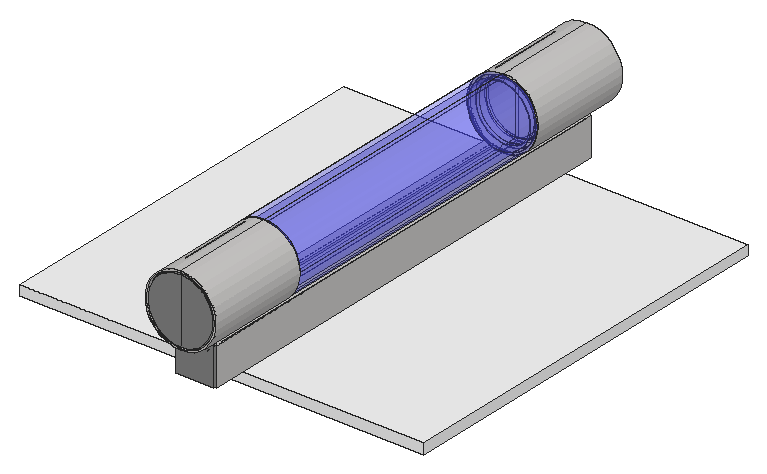
Revit family "BE_23250.2_de_DE", category Leuchten, Revit 2020
Family settings
  Basisbauteil = Fläche
  Bemaßung runder Anschluss = Durchmesser verwenden
  Teiletyp = Normal
  Beim Laden mit Abzugskörper schneiden = Ja
  Lichtquelle = Ja
  Gemeinsam genutzt = Nein
  Raumberechnungspunkt = Ja
Parameters (values of type "BEGA_23250.2_K3")
  built-in parameter 1150104 = 11.613 (stored number, unit not read)
  Wattage = 10 W
  Default Elevation = 0 mm
  built-in parameter 1150113 = 1 (stored number, unit not read)
  built-in parameter 1114218 = 1 (stored number, unit not read)
  Umgebungstemperatur = "25 °C"
  URL = "http://www.bega.de/de/produkt/23250.2"
  Typenkommentare = "© 2022 BEGA. Wir behalten uns das Recht vor, technische Änderungen ohne vorherige Ankündigung vorzunehmen."  # constant formula
  built-in parameter 1150134 = 12
  built-in parameter 1150109 = 1 (stored number, unit not read)
  Strom = ""
  built-in parameter 1150110 = 1 (stored number, unit not read)
  Spannung = 239.996 V
  Sonderanfertigung = no
  Seriennummer [instance] = "Hier können Sie die eindeutige Seriennummer für das Facility Management eintragen."
  Schutzklasse = "I"
  Schutzart = "IP 44"
  Scheinlast = 0 VA
  Produktdatenblatt = "http://www.bega.de/download/Xrfa/db/23250.2.db.de.pdf"
  Oberflächentemperatur = ""
  Neigungswinkel = 0.00°
  Model = "23250.2K4"
  Material_17 = BEGA_Reflektor
  Material_15 = BEGA_Leuchtmedium_matt
  Material_11 = BEGA_Glas_opal
  Material_09 = BEGA_Glas_klar
  Material_06 = BEGA_Oberfläche_Edelstahl_gebürstet
  Material_05 = BEGA_Oberfläche_Aluminium Guss
  Material_04 = BEGA_Kunststoff_Grafit_matt
  Material_03 = BEGA_Oberfläche_Weiss_matt
  Material_02 = BEGA_Oberfläche_Silber_matt
  Material_01 [instance] = BEGA_Oberfläche_Grafit_matt
  M_W = no
  M_G = no
  M_A = no
  Logo = 0
  built-in parameter 1114217 = 1 (stored number, unit not read)
  built-in parameter 1150139 = (empty or 0)
  built-in parameter 1150105 = 99.472 (stored number, unit not read)
  built-in parameter 1150114 = 1 (stored number, unit not read)
  Lumens = 1250 lm
  built-in parameter 1150115 = 1 (stored number, unit not read)
  Leuchtenlichtstrom = "926 lm"
  Leuchtenanzahl = ""
  Lebensdauerkriterien = "L70B50 @ 25 °C = 481000 h"
  Lastklassifizierung = Beleuchtung
  built-in parameter 1150112 = 1 (stored number, unit not read)
  Lampenlichtstrom = "1280 lm"
  Lamp = "LED 7.8 W"
  LED_Modulbezeichnung = "2x LED-0424/940"
  Hersteller = "BEGA"  # constant formula
  Halbstreuwinkel = ""
  Gewicht = "1.5 kg"
  Gebrauchslageneinschränkung [instance] = ""
  Frequenz = "0/50-60 Hz"
  Farbwiedergabeindex = "CRI > 90"
  Farbtemperaturverschiebung bei Dämpfen der Lampe = <Keine Auswahl>
  Farbtemperatur = "4000 K"
  Color Filter = 16777215
  built-in parameter 1150133 = 10 (stored number, unit not read)
  Energieeffizienzklasse = "LED A++ - A"
  built-in parameter 1150137 = (empty or 0)
  built-in parameter 1150132 = (empty or 0)
  ENEC = ""
  Dimmbar [instance] = ""
  Photometric Web File = "BE_23250.2K4.IES"
  CE_Konformität = "ja"
  Bestellnummer = "23250.2K4"
  Beschreibung_Sonderanfertigung = "Hier können Sie Informationen zur Sonderanfertigung eintragen."
  Beschreibung = "Wandleuchte"
  built-in parameter 1150106 = 0.99472 (stored number, unit not read)
  Befestigungsbohrung = "Ø 6 mm"
  Befestigungsabstand = "275 mm"
  Ballwurfsicher = ""
  BEGA_Intern_aus = yes
  BEGA_Intern_an = yes
  BEGA_Intern_Konstruktion = yes
  BEGA_Intern = yes
  BEGA_IES = yes
  BEGA_Dummy = no
  Anschlussleitung = ""
  Anschlussleistung [instance] = "9 W"
  Anschlusskasten = ""
  built-in parameter 1150107 = 4000 (stored number, unit not read)
  built-in parameter 1150102 = (empty or 0)
  built-in parameter 1150138 = (empty or 0)
  Aktualisierung = "2019-07-05T04:00:16"
  Abstand_zur_angestrahlten_Fläche [instance] = ""
  AC/DC = "AC/DC"
Reference planes
  plane 1 "Mitte (Vorne/Hinten)": y = 0
  plane 2: z = 0
  plane 3 "Mitte (Links/Rechts)": x = 0
  plane 4 "Links": x = -35
  plane 5 "Rechts": x = 35
  plane 6 "Unten": y = -251
  plane 7 "Oben": y = 251
  plane 8 "Vorne": z = 104.517
  plane 9 "Hinten": z = 0
Forms (mm)
  Extrusion 1, solid, material "BEGA_Platte_Weiss"
    sketch origin (0, -1119.2, 0) x (1, 0, 0) y (0, 1, 0)
      loop
        line (-200, 1319.2) -> (-200, 919.2) -> (200, 919.2) -> (200, 1319.2) -> (-200, 1319.2)
    from 0 to -10
  Extrusion 2, solid, material "BEGA_Dummy_matt", visible <- "BEGA_Dummy"
    sketch origin (80.095, -76.023, 0) x (1, 0, 0) y (0, 1, 0)
      loop
        line (-115.095, 327.023) -> (-115.095, -174.977) -> (-45.095, -174.977) -> (-45.095, 327.023) -> (-115.095, 327.023)
    from 0 to 104.517
Dimensions and locks
  plane 1 "Mitte (Vorne/Hinten)" to Extrusion 1 = 200 mm
  aligned and locked: plane 2 to Extrusion 1
  aligned and locked: level to Extrusion 1
Nested families
  nested 1: "BE_23250.2" at (0, 0, 0) x (0, 1, 0) z (0, 0, 1), type "BE_23250.2"
Connectors
  electrical at (0, 0, 0), driven by "Lastklassifizierung", driven by "Spannung", driven by "Scheinlast"
    settings: index 1, voltage 239.996 V, apparent load 0 VA, apparent load phase1 0 VA, apparent load phase2 0 VA, apparent load phase3 0 VA, power factor 1, load classification "Beleuchtung", number of poles 1, system type 31, power factor state 1, is connector primary yes, connector utility no, sub classification motor no, connector description ""
Definition of nested family "BE_23250.2"
  Parameters (values of type "BE_23250.2")
    Default Elevation = 1 mm
    URL = "http://www.bega.de/de/produkt"
    Type Comments = "© 2015 BEGA. Wir behalten uns das Recht vor, technische Änderungen ohne vorherige Ankündigung vorzunehmen. "  # constant formula
    Type Image = (empty or 0)
    Neigungswinkel_um_Z2 = 0.00°
    Neigungswinkel_um_Z1 = 0.00°
    Neigungswinkel_um_Y2 = 0.00°
    Neigungswinkel_um_Y1 = 0.00°
    Neigungswinkel_um_X2 = 0.00°
    Neigungswinkel_um_X1 = 0.00°
    Material_17 = none
    Material_15 = none
    Material_11 = none
    Material_09 = none
    Material_06 = none
    Material_05 = none
    Material_04 = none
    Material_03 = none
    Material_02 = none
    Material_01 = none
    M_W = yes
    M_G = yes
    M_A = yes
    Länge_Platte = 650 mm  # constant formula
    Höhe_Platte = -10 mm  # constant formula
    Manufacturer = "BEGA"  # constant formula
    Drehwinkel_um_Z2 = 0.00°
    Drehwinkel_um_Z1 = 0.00°
    Breite_Platte = 200 mm  # constant formula
  Reference planes
    plane 1 "Mitte (Oben/Unten)": y = 0
    plane 2: z = 0
    plane 3 "Mitte (Links/Rechts)": x = 0
    plane 4: y = 35
    plane 5: y = -35
    plane 6: x = -251
    plane 7: x = 251
    plane 8: z = 104.517
  Forms (mm)
    Extrusion 1, solid, detail levels medium
      sketch origin (0, 0, 0) x (1, 0, 0) y (0, 1, 0)
        loop
          line (-325, 100) -> (-325, -100) -> (325, -100) -> (325, 100) -> (-325, 100)
      from 0 to -10 <- "Höhe_Platte"
    Extrusion 2, solid, material <- "Material_06", detail levels medium+fine
      sketch origin (0, 0, 0) x (0, 1, 0) y (0, 0, 1)
        loop
          line (-20, 37.5) -> (-20, 0) -> (-15.75, 0) -> (-15.75, 6.5) -> (-16.8, 6.5)
          arc (-16.8, 6.5) -> (-17.507, 6.793) -> (-17.8, 7.5) r 1
          line (-17.8, 7.5) -> (-17.8, 32.29)
          arc (-17.8, 32.29) -> (-16.811, 33.7) -> (-15.148, 33.251) r 1.5
          line (-15.148, 33.251) -> (-11.917, 29.4) -> (11.917, 29.4) -> (15.148, 33.251)
          arc (15.148, 33.251) -> (16.811, 33.7) -> (17.8, 32.29) r 1.5
          line (17.8, 32.29) -> (17.8, 7.5)
          arc (17.8, 7.5) -> (17.507, 6.793) -> (16.8, 6.5) r 1
          line (16.8, 6.5) -> (15.75, 6.5) -> (15.75, 0) -> (20, 0) -> (20, 37.5) -> (18, 39.5)
          arc (18, 39.5) -> (15.101, 37.578) -> (12, 36.005) r 30
          line (12, 36.005) -> (12, 33.9)
          arc (12, 33.9) -> (11.561, 32.839) -> (10.5, 32.4) r 1.5
          line (10.5, 32.4) -> (-10.5, 32.4)
          arc (-10.5, 32.4) -> (-11.561, 32.839) -> (-12, 33.9) r 1.5
          line (-12, 33.9) -> (-12, 36.005)
          arc (-12, 36.005) -> (-15.101, 37.578) -> (-18, 39.5) r 30
          line (-18, 39.5) -> (-20, 37.5)
      from -232 to 231
    Extrusion 3, solid, material <- "Material_06", detail levels medium+fine
      sketch origin (0, 0, 0) x (1, 0, 0) y (0, 0, 1)
        loop
          line (128, 4.3) -> (128, 1) -> (148, 1) -> (148, 4.3) -> (128, 4.3)
        loop
          line (-147, 4.3) -> (-147, 1) -> (-127, 1) -> (-127, 4.3) -> (-147, 4.3)
      from -17.577 to 17.577
    Extrusion 4, solid, material <- "Material_04", detail levels medium+fine
      sketch origin (0, 0, 0) x (0, 1, 0) y (0, 0, 1)
        loop
          line (-18.99, 0.01) -> (18.99, 0.01) -> (19, 36.578) -> (17.542, 38.036)
          arc (17.542, 38.036) -> (0, 32.49) -> (-17.542, 38.036) r 30.51
          line (-17.542, 38.036) -> (-18.99, 36.588) -> (-18.99, 0.01)
      from 231 to 232.5
    Extrusion 5, solid, material <- "Material_04", detail levels medium+fine
      sketch origin (0, 0, 0) x (0, 1, 0) y (0, 0, -1)
        loop
          line (-18.99, -0.01) -> (-18.99, -36.588) -> (-17.542, -38.036)
          arc (-17.542, -38.036) -> (0, -32.49) -> (17.542, -38.036) r 30.51
          line (17.542, -38.036) -> (19, -36.578) -> (18.99, -0.01) -> (-18.99, -0.01)
      from 232 to 233.5
    Extrusion 6, void
      sketch origin (0, 0, 0) x (1, 0, 0) y (0, 1, 0)
        loop
          arc (135, 3) -> (132, 0) -> (135, -3) r 3
          line (135, -3) -> (141, -3)
          arc (141, -3) -> (143.116, -2.127) -> (144, -0.016) r 3
          arc (144, -0.016) -> (143.116, 2.127) -> (141, 3) r 3
          line (141, 3) -> (135, 3)
        loop
          arc (-134, 3) -> (-137, 6) -> (-140, 3) r 3
          line (-140, 3) -> (-140, -3)
          arc (-140, -3) -> (-139.128, -5.114) -> (-136.985, -6) r 3
          arc (-136.985, -6) -> (-134.873, -5.116) -> (-134, -3) r 3
          line (-134, -3) -> (-134, 3)
      from 0 to 6.5
    Revolve 7, void
      sketch origin (-201, 0, 0) x (0, 1, 0) y (0, 0, 1)
        loop
          line (-6, 32.4) -> (-6, 29.4) -> (0, 29.4) -> (0, 32.4) -> (-6, 32.4)
        axis (0, 32.4) -> (0, 29.4)
      angle from 0 to 360
    Revolve 8, solid, material <- "Material_06", detail levels medium+fine
      sketch origin (0, 0, 0) x (1, 0, 0) y (0, 0, 1)
        loop
          line (-251, 103.267) -> (-248.43, 103.267) -> (-247.66, 102.822) -> (-236, 102.517) -> (-148, 102.517) -> (-148, 104.517) -> (-251, 104.517) -> (-251, 103.267)
        loop
          line (251, 103.267) -> (251, 104.517) -> (148, 104.517) -> (148, 102.517) -> (236, 102.517) -> (247.66, 102.822) -> (248.43, 103.267) -> (251, 103.267)
        axis (-251, 69.517) -> (251, 69.517)
      angle from 0 to 360
    Revolve 9, solid, material <- "Material_04", detail levels medium+fine
      sketch origin (0, 0, 0) x (1, 0, 0) y (0, 0, 1)
        loop
          line (-251, 101.517) -> (-251, 69.517) -> (-245, 69.517) -> (-245, 100.067) -> (-236, 100.381) -> (-236, 103.017) -> (-248, 103.017) -> (-248, 101.517) -> (-251, 101.517)
        loop
          line (251, 101.517) -> (248, 101.517) -> (248, 103.017) -> (236, 103.017) -> (236, 100.381) -> (245, 100.067) -> (245, 69.517) -> (251, 69.517) -> (251, 101.517)
        axis (-251, 69.517) -> (251, 69.517)
      angle from 0 to 360
    Revolve 10, solid, material <- "Material_11", detail levels medium+fine
      sketch origin (0, 0, 0) x (1, 0, 0) y (0, 0, 1)
        loop
          line (-154.5, 98.517) -> (-150.415, 98.517)
          arc (-150.415, 98.517) -> (-146.122, 97.721) -> (-142.993, 100.767) r 4.75
          line (-142.993, 100.767) -> (142.993, 100.767)
          arc (142.993, 100.767) -> (146.122, 97.721) -> (150.415, 98.517) r 4.75
          line (150.415, 98.517) -> (154.336, 98.517) -> (162.75, 97.781) -> (162.75, 69.517) -> (166.5, 69.517) -> (166.5, 99.388)
          arc (166.5, 99.388) -> (165.976, 100.734) -> (164.684, 101.376) r 2
          line (164.684, 101.376) -> (154.5, 102.267) -> (146.5, 102.36) -> (146.5, 104.517) -> (-146.5, 104.517) -> (-146.5, 102.267) -> (-154.5, 102.267) -> (-154.5, 98.517)
        axis (-154.5, 69.517) -> (166.5, 69.517)
      angle from 0 to 360
    Revolve 11, void
      sketch origin (0, 0, 0) x (1, 0, 0) y (0, 0, 1)
        loop
          line (248.3, 79.117) -> (248.3, 69.517) -> (251, 69.517) -> (251, 79.282) -> (248.3, 79.117)
        axis (248.3, 69.517) -> (251, 69.517)
      angle from 0 to 360
    Revolve 12, solid, material <- "Material_06", detail levels fine
      sketch origin (0, 0, 0) x (1, 0, 0) y (0, 0, 1)
        loop
          line (248.3, 79.017) -> (248.3, 69.517) -> (250.8, 69.517) -> (250.8, 79.017) -> (248.3, 79.017)
        axis (248.3, 69.517) -> (250.8, 69.517)
      angle from 0 to 360
  Cuts and joins
    joined: Extrusion 4, Extrusion 5
    Revolve 7 cuts Extrusion 2
    Extrusion 6 cuts Extrusion 3
    joined: Extrusion 2, Extrusion 3
    Revolve 11 cuts Revolve 9
  Dimensions and locks
    equal spacing: Extrusion 1 sketch curve, plane 3 "Mitte (Links/Rechts)", Extrusion 1 sketch curve
    equal spacing: Extrusion 1 sketch curve, plane 1 "Mitte (Oben/Unten)", Extrusion 1 sketch curve
    "Länge_Platte": Extrusion 1 sketch curve to Extrusion 1 sketch curve
    "Breite_Platte": Extrusion 1 sketch curve to Extrusion 1 sketch curve
    aligned and locked: Extrusion 1 to plane 2
    aligned and locked: level to Extrusion 1
  Automatic sketch dimensions
    Extrusion 2 sketch curve to Extrusion 2 sketch curve = 0 mm  (x2)
    Extrusion 2 sketch curve to level = 0 mm  (x2)
    Extrusion 2 sketch curve to plane 1 "Mitte (Oben/Unten)" = 0 mm
    plane 1 "Mitte (Oben/Unten)" to Extrusion 2 sketch curve = 10.5 mm
    Extrusion 2 sketch curve to Extrusion 2 sketch curve = 1.417 mm  (x2)
    Extrusion 2 sketch curve to Extrusion 2 sketch curve = 1.5 mm  (x3)
    Extrusion 2 sketch curve to Extrusion 2 sketch curve = 3.148 mm  (x2)
    plane 1 "Mitte (Oben/Unten)" to Extrusion 2 sketch curve = 15.75 mm
    Extrusion 2 sketch curve to Extrusion 2 sketch curve = 1.152 mm  (x2)
    Extrusion 2 sketch curve to Extrusion 2 sketch curve = 1.05 mm  (x2)
    Extrusion 2 sketch curve to Extrusion 2 sketch curve = 1 mm
    Extrusion 2 sketch curve to Extrusion 2 sketch curve = 2.852 mm  (x2)
    Extrusion 2 sketch curve to Extrusion 2 sketch curve = 2 mm  (x2)
    Extrusion 2 sketch curve to plane 1 "Mitte (Oben/Unten)" = 10.5 mm
    level to Extrusion 2 sketch curve = 6.5 mm  (x2)
    Extrusion 2 sketch curve to plane 1 "Mitte (Oben/Unten)" = 15.75 mm
    Extrusion 2 sketch curve to Extrusion 2 sketch curve = 4.25 mm
    Extrusion 2 sketch curve to Extrusion 2 sketch curve = 21.9 mm
    Extrusion 2 sketch curve to Extrusion 2 sketch curve = 2.89 mm  (x2)
    Extrusion 2 sketch curve to Extrusion 2 sketch curve = 3 mm
    Extrusion 2 sketch curve to Extrusion 2 sketch curve = 2.105 mm  (x2)
    Extrusion 2 sketch curve to Extrusion 2 sketch curve = 5.21 mm  (x2)
    level to Extrusion 3 sketch curve = 1 mm  (x2)
    Extrusion 3 sketch curve to plane 6 = 104 mm
    Extrusion 3 sketch curve to Extrusion 3 sketch curve = 20 mm  (x2)
    level to Extrusion 3 sketch curve = 4.3 mm
    Extrusion 3 sketch curve to plane 7 = 123 mm
    Extrusion 3 sketch curve to Extrusion 3 sketch curve = 3.3 mm
    Extrusion 4 sketch curve to plane 1 "Mitte (Oben/Unten)" = 0 mm
    Extrusion 4 sketch curve to plane 5 = 17.458 mm
    level to Extrusion 4 sketch curve = 0.01 mm
    Extrusion 4 sketch curve to plane 5 = 16.01 mm
    Extrusion 4 sketch curve to plane 4 = 17.458 mm
    Extrusion 4 sketch curve to plane 4 = 16.01 mm
    Extrusion 4 sketch curve to Extrusion 4 sketch curve = 1.458 mm  (x2)
    Extrusion 4 sketch curve to Extrusion 4 sketch curve = 36.567 mm
    Extrusion 4 sketch curve to Extrusion 4 sketch curve = 36.578 mm
    Extrusion 5 sketch curve to plane 1 "Mitte (Oben/Unten)" = 0 mm
    Extrusion 5 sketch curve to plane 5 = 17.458 mm
    level to Extrusion 5 sketch curve = 0.01 mm
    Extrusion 5 sketch curve to plane 5 = 16.01 mm
    Extrusion 5 sketch curve to plane 4 = 17.458 mm
    Extrusion 5 sketch curve to plane 4 = 16.01 mm
    Extrusion 5 sketch curve to Extrusion 5 sketch curve = 1.458 mm
    Extrusion 5 sketch curve to Extrusion 5 sketch curve = 36.567 mm
    Extrusion 5 sketch curve to Extrusion 5 sketch curve = 36.578 mm
    Extrusion 5 sketch curve to Extrusion 5 sketch curve = 1.448 mm
    Extrusion 6 sketch curve to Extrusion 6 sketch curve = 0 mm  (x4)
    plane 1 "Mitte (Oben/Unten)" to Extrusion 6 sketch curve = 0 mm  (x2)
    Extrusion 6 sketch curve to plane 1 "Mitte (Oben/Unten)" = 3 mm
    Extrusion 6 sketch curve to plane 6 = 111 mm
    Extrusion 6 sketch curve to Extrusion 6 sketch curve = 3 mm  (x2)
    plane 1 "Mitte (Oben/Unten)" to Extrusion 6 sketch curve = 3 mm  (x2)
    Extrusion 6 sketch curve to plane 7 = 116 mm
    Extrusion 6 sketch curve to Extrusion 6 sketch curve = 6 mm
    Extrusion 6 sketch curve to Extrusion 6 sketch curve = 0.02 mm
    Extrusion 6 sketch curve to Extrusion 6 sketch curve = 0.035 mm
    Extrusion 6 sketch curve to plane 1 "Mitte (Oben/Unten)" = 0.016 mm
    plane 1 "Mitte (Oben/Unten)" to Extrusion 6 sketch curve = 0.016 mm
    Revolve 7 sketch curve to plane 1 "Mitte (Oben/Unten)" = 0 mm  (x2)
    Revolve 7 sketch curve to Revolve 7 sketch curve = 6 mm
    level to Revolve 7 sketch curve = 29.4 mm
    Revolve 7 sketch curve to Revolve 7 sketch curve = 3 mm
    Revolve 7 sketch curve to Revolve 7 sketch curve = 4.732 mm
    Revolve 7 sketch curve to Revolve 7 sketch curve = 0 mm
    Extrusion 4 sketch curve to Extrusion 4 sketch curve = 24.964 mm
    Extrusion 5 sketch curve to Extrusion 5 sketch curve = 24.964 mm
    Revolve 8 sketch curve to plane 6 = 0 mm
    Revolve 8 sketch curve to plane 7 = 0 mm
    Revolve 8 sketch curve to Revolve 8 sketch curve = 2.57 mm
    Revolve 8 sketch curve to Revolve 8 sketch curve = 0.77 mm  (x2)
    Revolve 8 sketch curve to Revolve 8 sketch curve = 11.66 mm
    Revolve 8 sketch curve to Revolve 8 sketch curve = 88 mm
    Revolve 8 sketch curve to plane 7 = 103 mm
    Revolve 8 sketch curve to plane 7 = 15 mm
    Revolve 8 sketch curve to plane 7 = 3.34 mm
    level to Revolve 8 sketch curve = 102.517 mm  (x2)
    Revolve 8 sketch curve to Revolve 8 sketch curve = 0.305 mm  (x2)
    Revolve 8 sketch curve to Revolve 8 sketch curve = 0.445 mm  (x2)
    Revolve 8 sketch curve to Revolve 8 sketch curve = 2 mm  (x2)
    Revolve 8 sketch curve to plane 6 = 9.246 mm
    Revolve 8 sketch curve to Revolve 8 sketch curve = 27.869 mm
    Revolve 8 sketch curve to Revolve 8 sketch curve = 33 mm
    Revolve 10 sketch curve to plane 6 = 96.5 mm
    Revolve 10 sketch curve to Revolve 10 sketch curve = 4.085 mm
    Revolve 10 sketch curve to Revolve 10 sketch curve = 2.915 mm  (x2)
    Revolve 10 sketch curve to Revolve 10 sketch curve = 1 mm  (x2)
    Revolve 10 sketch curve to Revolve 10 sketch curve = 3.507 mm  (x2)
    Revolve 10 sketch curve to plane 7 = 108.007 mm
    Revolve 10 sketch curve to Revolve 10 sketch curve = 3.921 mm
    Revolve 10 sketch curve to Revolve 10 sketch curve = 0.164 mm
    Revolve 10 sketch curve to Revolve 10 sketch curve = 8.414 mm
    Revolve 10 sketch curve to Revolve 10 sketch curve = 1.75 mm
    Revolve 10 sketch curve to Revolve 10 sketch curve = 0.184 mm
    Revolve 10 sketch curve to Revolve 10 sketch curve = 3.75 mm  (x2)
    level to Revolve 10 sketch curve = 69.517 mm  (x2)
    Revolve 10 sketch curve to Revolve 10 sketch curve = 28.264 mm
    Revolve 10 sketch curve to Revolve 10 sketch curve = 0.736 mm
    level to Revolve 10 sketch curve = 98.517 mm
    Revolve 10 sketch curve to Revolve 10 sketch curve = 1.604 mm
    Revolve 10 sketch curve to Revolve 10 sketch curve = 0.004 mm
    Revolve 10 sketch curve to Revolve 10 sketch curve = 2.25 mm  (x2)
    Revolve 10 sketch curve to Revolve 10 sketch curve = 0 mm
    Revolve 10 sketch curve to Revolve 10 sketch curve = 0.093 mm
    Revolve 10 sketch curve to plane 3 "Mitte (Links/Rechts)" = 46.5 mm
    plane 3 "Mitte (Links/Rechts)" to Revolve 10 sketch curve = 23.5 mm
    Revolve 9 sketch curve to plane 6 = 0 mm
    plane 6 to Revolve 9 sketch curve = 0 mm
    Revolve 9 sketch curve to plane 7 = 0 mm
    Revolve 9 sketch curve to Revolve 9 sketch curve = 3 mm
    Revolve 9 sketch curve to Revolve 9 sketch curve = 6 mm  (x2)
    Revolve 9 sketch curve to Revolve 9 sketch curve = 9 mm
    Revolve 9 sketch curve to plane 7 = 15 mm
    Revolve 9 sketch curve to plane 7 = 3 mm
    level to Revolve 9 sketch curve = 69.517 mm  (x2)
    Revolve 9 sketch curve to Revolve 9 sketch curve = 30.55 mm  (x2)
    Revolve 9 sketch curve to Revolve 9 sketch curve = 0.314 mm  (x2)
    Revolve 9 sketch curve to Revolve 9 sketch curve = 1.45 mm  (x2)
    Revolve 9 sketch curve to Revolve 9 sketch curve = 1.5 mm  (x2)
    Revolve 9 sketch curve to Revolve 9 sketch curve = 4 mm
    Revolve 9 sketch curve to Revolve 9 sketch curve = 0 mm
    Revolve 11 sketch curve to plane 7 = 0 mm
    Revolve 11 sketch curve to Revolve 11 sketch curve = 2.7 mm
    level to Revolve 11 sketch curve = 69.517 mm
    Revolve 11 sketch curve to Revolve 11 sketch curve = 9.6 mm
    Revolve 11 sketch curve to Revolve 11 sketch curve = 0.165 mm
    Revolve 11 sketch curve to Revolve 11 sketch curve = 0 mm  (x2)
    plane 7 to Revolve 11 sketch curve = 0.675 mm
    Revolve 12 sketch curve to plane 7 = 2.7 mm
    Revolve 12 sketch curve to plane 7 = 0.2 mm
    level to Revolve 12 sketch curve = 69.517 mm
    Revolve 12 sketch curve to Revolve 12 sketch curve = 9.5 mm
    Revolve 12 sketch curve to Revolve 12 sketch curve = 0 mm  (x2)
    plane 7 to Revolve 12 sketch curve = 0.342 mm
